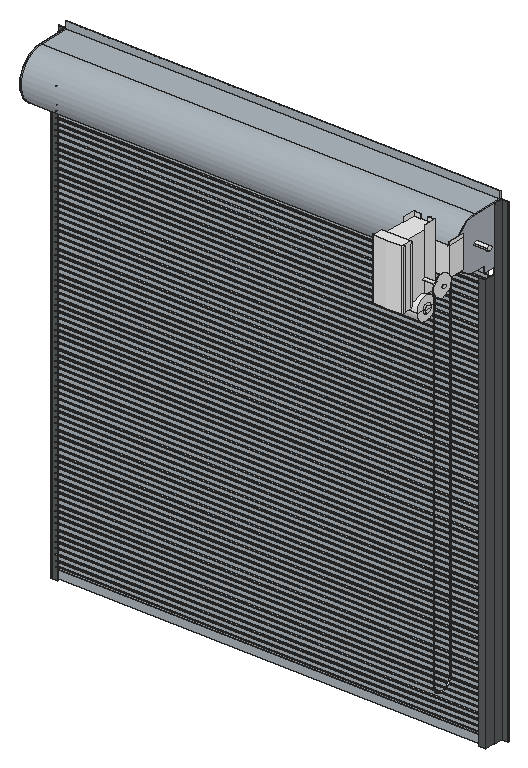
Revit family "Doors_Industrial_Wayne-Dalton_Rolling-Service-Doors-Model-926_", category Specialty Equipment, host Wall, Revit 2019 (continued)
Definition of nested family "926"
  Dimensions and locks (in)
    aligned and locked: plane 9 to nested 13
  Automatic sketch dimensions
    plane 1 "Center (Front/Back)" to curve 1 = 4.98186"
    plane 1 "Center (Front/Back)" to curve 9 = 2.86663"
    curve 3 to curve 9 = 0"
    curve 8 to curve 2 = 0"
    curve 4 to curve 9 = 0"
    plane 1 "Center (Front/Back)" to curve 7 = 2.86663"
    curve 5 to curve 7 = 0"
    curve 6 to curve 7 = 0"
    curve 5 to plane 6 = 7.10337"
    curve 6 to curve 5 = 0"
    curve 4 to curve 5 = 0"
    curve 7 to curve 5 = 0"
    curve 3 to curve 4 = 0"
    curve 8 to curve 3 = 0"
    curve 2 to curve 8 = 0"
    curve 9 to curve 4 = 0"
    curve 1 to curve 2 = 2.11523"
    curve 2 to curve 1 = 2.35433"
    Extrusion 1 sketch curve to Extrusion 1 sketch curve = 0"  (x19)
    Extrusion 1 sketch curve to Extrusion 1 sketch curve = 0.04887"  (x7)
    curve 1 to Extrusion 1 sketch curve = 1.80618"
    Extrusion 1 sketch curve to Extrusion 1 sketch curve = 0.00664"  (x10)
    Extrusion 1 sketch curve to Extrusion 1 sketch curve = 0.05551"  (x11)
    Extrusion 1 sketch curve to Extrusion 1 sketch curve = 0.1397"  (x8)
    Extrusion 1 sketch curve to Extrusion 1 sketch curve = 0.11428"
    Extrusion 1 sketch curve to Extrusion 1 sketch curve = 0.11453"  (x6)
    Extrusion 1 sketch curve to Extrusion 1 sketch curve = 0.12457"
    Extrusion 1 sketch curve to Extrusion 1 sketch curve = 0.00293"
    Extrusion 1 sketch curve to Extrusion 1 sketch curve = 0.13352"  (x6)
    Extrusion 1 sketch curve to Extrusion 1 sketch curve = 0.13644"  (x4)
    Extrusion 1 sketch curve to Extrusion 1 sketch curve = 0.27021"
    Extrusion 1 sketch curve to Extrusion 1 sketch curve = 0.00449"  (x20)
    curve 1 to Extrusion 1 sketch curve = 3.3942"
    curve 1 to Extrusion 1 sketch curve = 1.7942"
    Extrusion 1 sketch curve to Extrusion 1 sketch curve = 0.00394"  (x6)
    Extrusion 1 sketch curve to Extrusion 1 sketch curve = 0.03464"  (x4)
    Extrusion 1 sketch curve to Extrusion 1 sketch curve = 1.32671"  (x6)
    Extrusion 1 sketch curve to Extrusion 1 sketch curve = 0.16713"  (x3)
    Extrusion 1 sketch curve to Extrusion 1 sketch curve = 0.14091"
    Extrusion 1 sketch curve to Extrusion 1 sketch curve = 0.05511"
    Extrusion 1 sketch curve to Extrusion 1 sketch curve = 0.02433"
    curve 1 to Extrusion 1 sketch curve = 4.98186"
    Extrusion 1 sketch curve to Extrusion 1 sketch curve = 0.06"
    Extrusion 1 sketch curve to Extrusion 1 sketch curve = 0.00398"
  Nested families (in)
    nested 1: "Perforation" at (0, 0.47, 0.595), visible <- "Fenestration", Perforation <- "Cutout Material", type "Perforation"
    nested 2: "Perforation" at (0, 0.47, 2.495), visible <- "Fenestration", Perforation <- "Cutout Material", type "Perforation"
    nested 3: "Perforation" at (0, 0.47, 4.395), visible <- "Fenestration", Perforation <- "Cutout Material", type "Perforation"
    nested 4: "Perforation" at (0, 0.47, 6.295), visible <- "Fenestration", Perforation <- "Cutout Material", type "Perforation"
    nested 5: "Perforation" at (0, 0.47, 10.095), visible <- "Fenestration", Perforation <- "Cutout Material", type "Perforation"
    nested 6: "Perforation" at (0, 0.47, 10.095), visible <- "Perforation", Perforation <- "Cutout Material Perforation", type "Perforation"
      with Perforation none
    nested 7: "Perforation" at (0, 0.47, 6.295), visible <- "Perforation", Perforation <- "Cutout Material Perforation", type "Perforation"
      with Perforation none
    nested 8: "Perforation" at (0, 0.47, 4.395), visible <- "Perforation", Perforation <- "Cutout Material Perforation", type "Perforation"
      with Perforation none
    nested 9: "Perforation" at (0, 0.47, 2.495), visible <- "Perforation", Perforation <- "Cutout Material Perforation", type "Perforation"
      with Perforation none
    nested 10: "Perforation" at (0, 0.47, 0.595), visible <- "Perforation", Perforation <- "Cutout Material Perforation", type "Perforation"
      with Perforation none
    nested 11: "Perforation" at (0, 0.47, 11.995), visible <- "Fenestration", Perforation <- "Cutout Material", type "Perforation"
    nested 12: "Perforation" at (0, 0.47, 11.995), visible <- "Perforation", Perforation <- "Cutout Material Perforation", type "Perforation"
      with Perforation none
    nested 13: "Perforation" at (0, 0.47, 8.195), visible <- "Fenestration", Perforation <- "Cutout Material", type "Perforation"
    nested 14: "Perforation" at (0, 0.47, 8.195), visible <- "Perforation", Perforation <- "Cutout Material Perforation", type "Perforation"
      with Perforation none
  Definition of nested family "Perforation"
    Parameters (values of type "Perforation")
      Thickness = 0.06"
      Perforation [instance] = none
      Opening Width = 123 5/8"
      Offset = 1"
      Height = 3/4"
      Default Elevation = 48"
    Reference planes (in)
      plane 1 "Center (Front/Back)": y = 0
      plane 2: z = 0
      plane 3 "Center (Left/Right)": x = 0
      plane 4: z = 0.375
      plane 5: z = -0.375
      plane 6: y = -0.03
      plane 7: y = 0.03
      plane 8: x = -61.8125
      plane 9: x = 61.8125
      plane 10: x = -60.8125
      plane 11: x = 60.8125
    Forms (in)
      Extrusion 1, solid, material <- "Perforation"
        sketch origin (0, -0.19, 0) x (0, 1, 0) y (0, 0, 1)
          loop
            line (0.16, 0.375) -> (0.16, -0.375) -> (0.22, -0.375) -> (0.22, 0.375) -> (0.16, 0.375)
        from -60.8125 to 60.8125
    Dimensions and locks (in)
      equal spacing: plane 4, level, plane 5
      "Height": plane 4 to plane 5
      equal spacing: plane 6, plane 1 "Center (Front/Back)", plane 7
      "Thickness": plane 6 to plane 7
      "Opening Width": plane 8 to plane 9
      "Offset": plane 8 to plane 10
      "Offset": plane 9 to plane 11
      equal spacing: plane 8, plane 3 "Center (Left/Right)", plane 9
      aligned and locked: plane 2 to level
      aligned and locked: plane 4 to Extrusion 1
      aligned and locked: Extrusion 1 to plane 5
      aligned and locked: plane 6 to Extrusion 1
      aligned and locked: plane 7 to Extrusion 1
      aligned and locked: Extrusion 1 to plane 10
      aligned and locked: plane 11 to Extrusion 1
    Automatic sketch dimensions
      Extrusion 1 sketch curve to level = 3/8"
      plane 1 "Center (Front/Back)" to Extrusion 1 sketch curve = 0.03"
      Extrusion 1 sketch curve to plane 1 "Center (Front/Back)" = 0.03"
      plane 4 to Extrusion 1 sketch curve = 0"
Definition of nested family "Lifts"
  Parameters (values of type "Frame Unit")
    True Width = if(Between Jambs, Opening Width, Opening Width + 1/2")  # 120 1/2"
    Slat Option = 1
    Side Clearance R = 9"
    Side Clearance L = 7"
    Round Hood [instance] = 1 = 1  # yes
    Rough Width = 0"
    Rough Height = 0"
    No Hood [instance] = no
    M Value = 3 1/4"
    Hood Offset = 2"
    Hood Height = Headroom Height Real - Hood Offset  # 18 1/2"
    Headroom Height Real = Headroom Height  # 20 1/2"
    Half Hood Height = Headroom Height - Hood Offset  # 18 1/2"
    Guide Z Wide R = if(Between Jambs, (Guide Offset R - G Value) / 3 * 2, G Value - 1/4")  # 2 1/2"
    Guide Z Wide L = if(Between Jambs, (Guide Offset L - G Value) / 3 * 2, G Value - 1/4")  # 2 1/2"
    Guide Offset R = BJ Displacement R + G Value  # 2 3/4"
    Guide Offset L = BJ Displacement L + G Value  # 2 3/4"
    G Value = 2 3/4"
    E Guide Width R = if(Between Jambs, (Guide Offset R - G Value) / 3 * 2, 3")  # 3"
    E Guide Width L = if(Between Jambs, (Guide Offset L - G Value) / 3 * 2, 3")  # 3"
    E Guide Height = 3"  # constant formula
    Z Guide = 1 = 1  # yes
    Slat Material = none
    Shaft Offset = (Hood Height - 2") / 2  # 8 1/4"
    Shaft Material = none
    Shaft Length 2 = G Value + 4"  # 6 3/4"
    Shaft Length 1 = G Value + 4"  # 6 3/4"
    Setback = if(Between Jambs, 0", 1/4")  # 1/4"
    Radius Hood = Shaft Offset  # 8 1/4"
    Opening Width = 120"
    Hood Material = none
    Headroom Height = 20 1/2"
    Header Width = 18 1/2"
    Opening Height = 120"
    Guide Type = if(Between Jambs, "Angled Between Jambs Z Guide", if(Guide Option > 1, "Angled Z Guide", "Angled E Guide"))  # "Angled Z Guide"
    Guide Option = if(Between Jambs, 1, 2)  # 2
    Guide Z Height = 2 3/4"  # constant formula
    Floor To (CL) of Shaft = 132 1/4"
    Finish Material = none
    Face to Wall Mount = not(Between Jambs)  # yes
    E Guide = if(Between Jambs, 1 = 1, 1 = 2)  # no
    D Value = 5 1/2"
    Between Jambs = no
    BJ Position = if(Between Jambs, 1/4", 0")  # 0"
    BJ Displacement R = if(Face to Wall Mount, 0", Side Clearance R - G Value)  # 0"
    BJ Displacement L = if(Face to Wall Mount, 0", Side Clearance L - G Value)  # 0"
    Angled Guide = 1 = 1  # yes
  Reference planes (in)
    plane 1 "Center (Front/Back)": y = 0
    plane 2: z = 0
    plane 3 "Center (Left/Right)": x = 0
    plane 4 "Opening Height": z = 120
    plane 5: x = -66.75
    plane 6: x = 66.75
    plane 7: z = 140.5
    plane 8: y = 18.5
    plane 9 "Real Opening 2": x = -60
    plane 10 "Real Opening 1": x = 60
    plane 11: z = 122
    plane 12 "Main": y = 0
    plane 13: z = 132.25
    plane 14: y = 10.25
    plane 15: x = 62.75
    plane 16: x = -62.75
    plane 17: x = -62.75
    plane 18: x = 62.75
    plane 19: y = 5.5
    plane 20: x = -62.5
    plane 21: x = 62.5
    plane 22: z = 142.5
    plane 23: y = 5.5
    plane 24: y = 4.375
    plane 25: y = 5.5
    plane 26: y = 4.375
  Forms (in)
    Extrusion 1, solid, material <- "Slat Material"
      sketch origin (0, 0, 0) x (0, 1, 0) y (0, 0, 1)
        loop
          line (4.75, 2.375) -> (4.75, 2.75) -> (4, 2.75) -> (4, 2.375) -> (4.75, 2.375)
      from -62.5 to 62.5
    Extrusion 2, solid, material <- "Slat Material"
      sketch origin (0, 0, 0) x (0, 1, 0) y (0, 0, 1)
        loop
          line (4.75, 2.375) -> (4, 2.375) -> (4, 0) -> (4.75, 0) -> (4.75, 2.375)
      from -62.5 to 62.5
    Extrusion 3, solid, material <- "Shaft Material"
      sketch origin (0, -5.35201, 0) x (0, 1, 0) y (0, 0, 1)
        loop
          circle (15.60201, 132.25) r 0.6
      from -66.75 to 66.75
    Extrusion 4, solid, material <- "Hood Material"
      sketch origin (0, 0, 0) x (0, 1, 0) y (0, 0, 1)
        loop
          line (0, 140.5) -> (0, 122) -> (6, 122) -> (6, 124) -> (10.25, 124)
          arc (10.25, 124) -> (18.5, 132.25) -> (10.25, 140.5) r 8.25
          line (10.25, 140.5) -> (0, 140.5)
      from -62.75 to 62.75
    Extrusion 5, solid, material <- "Finish Material", visible <- "E Guide"
      sketch origin (0, 0, 0) x (1, 0, 0) y (0, 1, 0)
        loop
          line (59.75, 0) -> (62.75, 0) -> (62.75, 3) -> (62.6875, 3)
          arc (62.6875, 3) -> (62.55492, 2.94508) -> (62.5, 2.8125) r 0.1875
          line (62.5, 2.8125) -> (62.5, 0.25) -> (59.9375, 0.25)
          arc (59.9375, 0.25) -> (59.80492, 0.19508) -> (59.75, 0.0625) r 0.1875
          line (59.75, 0.0625) -> (59.75, 0)
        loop
          line (-59.75, 0) -> (-59.75, 0.0625)
          arc (-59.75, 0.0625) -> (-59.80492, 0.19508) -> (-59.9375, 0.25) r 0.1875
          line (-59.9375, 0.25) -> (-62.5, 0.25) -> (-62.5, 2.8125)
          arc (-62.5, 2.8125) -> (-62.55492, 2.94508) -> (-62.6875, 3) r 0.1875
          line (-62.6875, 3) -> (-62.75, 3) -> (-62.75, 0) -> (-59.75, 0)
      from 0 to 140.5
    Extrusion 6, solid, material <- "Finish Material", visible <- "Z Guide"
      sketch origin (0, 0, 0) x (1, 0, 0) y (0, 1, 0)
        loop
          line (65.25, 0) -> (65.25, 0.062)
          arc (65.25, 0.062) -> (65.19494, 0.19494) -> (65.062, 0.25) r 0.188
          line (65.062, 0.25) -> (63, 0.25) -> (63, 2.562)
          arc (63, 2.562) -> (62.94494, 2.69494) -> (62.812, 2.75) r 0.188
          line (62.812, 2.75) -> (62.75, 2.75) -> (62.75, 0) -> (65.25, 0)
        loop
          line (-65.25, 0) -> (-62.75, 0) -> (-62.75, 2.75) -> (-62.812, 2.75)
          arc (-62.812, 2.75) -> (-62.94494, 2.69494) -> (-63, 2.562) r 0.188
          line (-63, 2.562) -> (-63, 0.25) -> (-65.062, 0.25)
          arc (-65.062, 0.25) -> (-65.19494, 0.19494) -> (-65.25, 0.062) r 0.188
          line (-65.25, 0.062) -> (-65.25, 0)
      from 0 to 140.5
    Extrusion 7, solid, material <- "Finish Material", visible <- "Angled Guide"
      sketch origin (0, 0, 0) x (1, 0, 0) y (0, 1, 0)
        loop
          line (60.25, 5.5) -> (60.25, 5.437)
          arc (60.25, 5.437) -> (60.30477, 5.30477) -> (60.437, 5.25) r 0.187
          line (60.437, 5.25) -> (62.5, 5.25) -> (62.5, 3.5) -> (60.25, 3.5) -> (60.25, 3.437)
          arc (60.25, 3.437) -> (60.30477, 3.30477) -> (60.437, 3.25) r 0.187
          line (60.437, 3.25) -> (62.25, 3.25) -> (62.25, 1.25) -> (62.75, 1.25) -> (62.75, 5.5) -> (60.25, 5.5)
        loop
          line (-60.25, 5.5) -> (-62.75, 5.5) -> (-62.75, 1.25) -> (-62.25, 1.25) -> (-62.25, 3.25) -> (-60.437, 3.25)
          arc (-60.437, 3.25) -> (-60.30477, 3.30477) -> (-60.25, 3.437) r 0.187
          line (-60.25, 3.437) -> (-60.25, 3.5) -> (-62.5, 3.5) -> (-62.5, 5.25) -> (-60.437, 5.25)
          arc (-60.437, 5.25) -> (-60.30477, 5.30477) -> (-60.25, 5.437) r 0.187
          line (-60.25, 5.437) -> (-60.25, 5.5)
      from 0 to 120
    Extrusion 8, solid, material <- "Hood Material"
      sketch origin (0, 35, 0) x (0, 1, 0) y (0, 0, 1)
        loop
          line (-35, 140.5) -> (-35, 122) -> (-29, 122) -> (-29, 124) -> (-24.75, 124)
          arc (-24.75, 124) -> (-16.5, 132.25) -> (-24.75, 140.5) r 8.25
          line (-24.75, 140.5) -> (-35, 140.5)
      from -62.5 to 62.5
    Extrusion 9, void
      sketch origin (0, 0, 0) x (0, 1, 0) y (0, 0, 1)
        loop
          line (0, 140.5) -> (0, 122) -> (18.5, 122) -> (18.5, 140.5) -> (0, 140.5)
      from -62.5 to 62.5
  Cuts and joins
    Extrusion 9 cuts Extrusion 4
  Lines and regions (in)
    Masking region 1
      outline origin (0, 0, 0) x (1, 0, 0) y (0, 1, 0)
        loop
          line (66.75, 10.85) -> (62.75, 10.85) -> (62.75, 9.65) -> (66.75, 9.65) -> (66.75, 10.85)
        loop
          line (-66.75, 9.65) -> (-62.75, 9.65) -> (-62.75, 10.85) -> (-66.75, 10.85) -> (-66.75, 9.65)
    Masking region 2
      outline origin (0, 0, 0) x (1, 0, 0) y (0, 1, 0)
        loop
          line (-62.75, 18.5) -> (-62.75, 0) -> (62.75, 0) -> (62.75, 18.5) -> (-62.75, 18.5)
    Masking region 3, visible <- "E Guide"
      outline origin (0, 0, 0) x (1, 0, 0) y (0, 1, 0)
        loop
          line (-62.75, 3) -> (-62.75, 0) -> (-59.75, 0) -> (-59.75, 0.0625)
          arc (-59.75, 0.0625) -> (-59.80492, 0.19508) -> (-59.9375, 0.25) r 0.1875
          line (-59.9375, 0.25) -> (-62.5, 0.25) -> (-62.5, 2.8125)
          arc (-62.5, 2.8125) -> (-62.55492, 2.94508) -> (-62.6875, 3) r 0.1875
          line (-62.6875, 3) -> (-62.75, 3)
        loop
          line (62.75, 0) -> (62.75, 3) -> (62.6875, 3)
          arc (62.6875, 3) -> (62.55492, 2.94508) -> (62.5, 2.8125) r 0.1875
          line (62.5, 2.8125) -> (62.5, 0.25) -> (59.9375, 0.25)
          arc (59.9375, 0.25) -> (59.80492, 0.19508) -> (59.75, 0.0625) r 0.1875
          line (59.75, 0.0625) -> (59.75, 0) -> (62.75, 0)
    Masking region 4
      outline origin (0, 0, 0) x (1, 0, 0) y (0, 1, 0)
        loop
          line (-63, 0.25) -> (-65.062, 0.25)
          arc (-65.062, 0.25) -> (-65.19494, 0.19494) -> (-65.25, 0.062) r 0.188
          line (-65.25, 0.062) -> (-65.25, 0) -> (-62.75, 0) -> (-62.75, 2.75) -> (-62.812, 2.75)
          arc (-62.812, 2.75) -> (-62.94494, 2.69494) -> (-63, 2.562) r 0.188
          line (-63, 2.562) -> (-63, 0.25)
        loop
          line (62.75, 2.75) -> (62.75, 0) -> (65.25, 0) -> (65.25, 0.062)
          arc (65.25, 0.062) -> (65.19494, 0.19494) -> (65.062, 0.25) r 0.188
          line (65.062, 0.25) -> (63, 0.25) -> (63, 2.562)
          arc (63, 2.562) -> (62.94494, 2.69494) -> (62.812, 2.75) r 0.188
          line (62.812, 2.75) -> (62.75, 2.75)
    symbolic lines
      curve 1: line (-62.5, 0, 0) -> (-62.5, 18.5, 0)
      curve 2: line (62.5, 18.5, 0) -> (62.5, 0, 0)
  Dimensions and locks (in)
    Extrusion 1 sketch curve to level = 2 3/8"
    Extrusion 1 sketch curve to Extrusion 1 sketch curve = 3/4"
    locked: Extrusion 2 sketch curve to level at 2.375
    "Headroom Height Real": plane 7 to plane 4 "Opening Height"
    plane 8 to plane 1 "Center (Front/Back)" = 18 1/2"
    "Opening Height": plane 4 "Opening Height" to level
    "Hood Offset": plane 11 to plane 4 "Opening Height"
    "BJ Position": plane 12 "Main" to plane 1 "Center (Front/Back)"
    "Header Width": plane 12 "Main" to plane 8
    "Floor To (CL) of Shaft": plane 13 to level
    "Shaft Offset": Extrusion 3 sketch curve to plane 8
    locked: Extrusion 2 sketch curve to Extrusion 2 sketch curve at 0.75
    "Shaft Offset": plane 8 to plane 14
    locked: Masking region 1 sketch curve to Masking region 1 sketch curve at 1.2
    locked: Masking region 1 sketch curve to plane 14 at 0.6
    "Guide Offset L": plane 10 "Real Opening 1" to plane 15
    "Guide Offset R": plane 16 to plane 9 "Real Opening 2"
    locked: Extrusion 5 sketch curve to Extrusion 5 sketch curve at 0.25  (x4)
    "E Guide Height": Extrusion 5 sketch curve to Extrusion 5 sketch curve  (x2)
    "E Guide Width L": Extrusion 5 sketch curve to Extrusion 5 sketch curve
    "E Guide Width R": Extrusion 5 sketch curve to Extrusion 5 sketch curve
    locked: Extrusion 6 sketch curve to Extrusion 6 sketch curve at 0.25  (x4)
    "Guide Z Wide L": Extrusion 6 sketch curve to Extrusion 6 sketch curve
    "Guide Z Height": Extrusion 6 sketch curve to Extrusion 6 sketch curve  (x2)
    "Guide Z Wide R": Extrusion 6 sketch curve to Extrusion 6 sketch curve
    locked: Extrusion 7 sketch curve to Extrusion 7 sketch curve at 0.25  (x6)
    locked: Extrusion 7 sketch curve to Extrusion 7 sketch curve at 2.25  (x2)
    locked: Extrusion 7 sketch curve to Extrusion 7 sketch curve at 4.25  (x2)
    "Setback": plane 10 "Real Opening 1" to Extrusion 7 sketch curve
    "Setback": Extrusion 7 sketch curve to plane 9 "Real Opening 2"
    "G Value": Extrusion 6 sketch curve to plane 9 "Real Opening 2"
    "G Value": plane 10 "Real Opening 1" to Extrusion 6 sketch curve
    "G Value": plane 10 "Real Opening 1" to plane 18
    "G Value": plane 17 to plane 9 "Real Opening 2"
    "Shaft Length 1": plane 5 to plane 9 "Real Opening 2"
    "Shaft Length 2": plane 6 to plane 10 "Real Opening 1"
    locked: Extrusion 2 to plane 18 at 0.25
    locked: Extrusion 2 to plane 17 at 0.25
    locked: plane 17 to plane 20 at 0.25
    locked: plane 21 to plane 18 at 0.25
    equal spacing: plane 9 "Real Opening 2", plane 3 "Center (Left/Right)", plane 10 "Real Opening 1"
    "Opening Width": plane 9 "Real Opening 2" to plane 10 "Real Opening 1"
    locked: plane 22 to plane 7 at 2
    "D Value": plane 1 "Center (Front/Back)" to plane 19
    "D Value": plane 23 to plane 1 "Center (Front/Back)"
    locked: plane 23 to plane 24 at 1.125
    equal spacing: Extrusion 1 sketch curve, plane 24, Extrusion 1 sketch curve
    "D Value": plane 25 to plane 1 "Center (Front/Back)"
    locked: plane 25 to plane 26 at 1.125
    equal spacing: Extrusion 2 sketch curve, plane 26, Extrusion 2 sketch curve
    "G Value": plane 10 "Real Opening 1" to Extrusion 7 sketch curve
    "G Value": Extrusion 7 sketch curve to plane 9 "Real Opening 2"
    locked: Extrusion 4 sketch curve to Extrusion 4 sketch curve at 6
    "Shaft Offset": Extrusion 4 sketch curve to plane 8
    locked: Extrusion 4 sketch curve to plane 11 at 2
    Extrusion 6 to plane 8 = 18 1/2"
    locked: Extrusion 8 sketch curve to Extrusion 8 sketch curve at 6
    "Shaft Offset": Extrusion 8 sketch curve to plane 8
    locked: Extrusion 8 sketch curve to plane 11 at 2
    radius of Extrusion 5 sketch curve = 3/16"  (x4)
    radius of Extrusion 6 sketch curve = 0.188"  (x4)
    locked: Extrusion 7 sketch curve to Extrusion 7 sketch curve (radius 0.187")  (x4)
    aligned and locked: plane 2 to level
    aligned and locked: plane 5 to Extrusion 3
    aligned and locked: Extrusion 3 to plane 6
    aligned and locked: Extrusion 4 sketch curve to plane 7
    aligned and locked: plane 13 to Extrusion 3 sketch curve
    aligned and locked: plane 5 to Masking region 1 sketch curve
    aligned and locked: plane 6 to Masking region 1 sketch curve
    aligned and locked: Masking region 1 sketch curve to Masking region 1 sketch curve  (x2)
    aligned and locked: plane 12 "Main" to Extrusion 5 sketch curve  (x2)
    aligned and locked: Extrusion 5 sketch curve to plane 15
    aligned and locked: plane 16 to Extrusion 5 sketch curve
    aligned and locked: Extrusion 6 sketch curve to plane 1 "Center (Front/Back)"  (x2)
    aligned and locked: plane 19 to Extrusion 7 sketch curve
    aligned and locked: Extrusion 7 sketch curve to Extrusion 7 sketch curve  (x2)
    aligned and locked: Extrusion 7 sketch curve to plane 19
    aligned and locked: plane 4 "Opening Height" to Extrusion 7
    aligned and locked: Extrusion 4 sketch curve to plane 12 "Main"
    aligned and locked: Masking region 2 to curve 2  (x2)
    aligned and locked: Masking region 2 to curve 1  (x2)
    aligned and locked: Masking region 3 sketch curve to Extrusion 5  (x10)
    aligned and locked: Extrusion 2 to Extrusion 1
    aligned and locked: Extrusion 1 to Extrusion 2
    aligned and locked: Masking region 2 to plane 17
    aligned and locked: Masking region 2 to plane 18
    aligned and locked: plane 18 to Masking region 1 sketch curve
    aligned and locked: Masking region 1 sketch curve to plane 17
    aligned and locked: plane 7 to Extrusion 5
    aligned and locked: Extrusion 4 sketch curve to plane 11
    aligned and locked: Extrusion 4 to plane 17
    aligned and locked: Extrusion 4 to plane 18
    aligned and locked: Extrusion 8 sketch curve to plane 7
    aligned and locked: Extrusion 8 sketch curve to plane 12 "Main"
    aligned and locked: Extrusion 8 sketch curve to plane 11
    aligned and locked: Extrusion 8 to plane 20
    aligned and locked: Extrusion 8 to plane 21
    aligned and locked: Extrusion 9 sketch curve to plane 12 "Main"
    aligned and locked: Extrusion 9 sketch curve to plane 11
    aligned and locked: Extrusion 9 sketch curve to plane 8
    aligned and locked: Extrusion 9 sketch curve to plane 7
    aligned and locked: Extrusion 9 to plane 20
    aligned and locked: Extrusion 9 to plane 21
    aligned and locked: Masking region 4 sketch curve to Extrusion 6  (x12)
    aligned and locked: plane 7 to Extrusion 6
  Automatic sketch dimensions
    curve 1 to plane 20 = 0"
    curve 2 to plane 21 = 0"
    Masking region 2 sketch curve to plane 1 "Center (Front/Back)" = 0"
    Masking region 2 sketch curve to plane 17 = 0"
    Masking region 2 sketch curve to plane 18 = 0"
    Masking region 2 sketch curve to plane 8 = 0"
    Extrusion 1 sketch curve to Extrusion 1 sketch curve = 3/8"
    Extrusion 2 sketch curve to level = 0"
    Extrusion 7 sketch curve to plane 20 = 1/4"
    plane 21 to Extrusion 7 sketch curve = 1/4"
    radius of Extrusion 3 sketch curve = 0.6"
Definition of nested family "Label Annotation 1"
  Parameters (values of type "Label Annotation 1-8")
    Label = "Area is too big. Please reduce Door Size."
  Reference planes (in)
    plane 1: y = 0
    plane 2: x = 0
  Text (in)
    label "Label" at (0.00375, -0.00345, 0), shows "Label"
Definition of nested family "Warning Sign"
  Parameters (values of type "Warning Sign")
    Warning Sign [instance] = no
    Default Elevation = 48"
  Reference planes (in)
    plane 1 "Center (Front/Back)": y = 0
    plane 2: z = 0
    plane 3 "Center (Left/Right)": x = 0
    plane 4: y = 0.5
    plane 5: y = -0.5
    plane 6: y = 1
    plane 7: y = 0.25
  Lines and regions (in)
    model lines
      curve 1: line (-2.26129, 1, 45.69444) -> (-26.3817, 1, 3.91667)
      curve 2: line (-25.25106, 1, 3.26389) -> (-1.13064, 1, 45.04167)
      curve 3: arc (2.26129, 1, 45.69444) -> (0, 1, 47) -> (-2.26129, 1, 45.69444) r 2.61111
      curve 4: arc (-1.13064, 1, 45.04167) -> (0, 1, 45.69444) -> (1.13064, 1, 45.04167) r 1.30556
      curve 5: line (1.13064, 1, 45.04167) -> (25.25106, 1, 3.26389)
      curve 6: line (26.3817, 1, 3.91667) -> (2.26129, 1, 45.69444)
      curve 7: arc (25.25106, 1, 3.26389) -> (25.25106, 1, 1.95833) -> (24.12041, 1, 1.30556) r 1.30556
      curve 8: arc (24.12041, 1, 0) -> (26.3817, 1, 1.30556) -> (26.3817, 1, 3.91667) r 2.61111
      curve 9: line (24.12041, 1, 1.30556) -> (-24.12041, 1, 1.30556)
      curve 10: line (-24.12041, 1, 0) -> (24.12041, 1, 0)
      curve 11: arc (-24.12041, 1, 1.30556) -> (-25.25106, 1, 1.95833) -> (-25.25106, 1, 3.26389) r 1.30556
      curve 12: arc (-26.3817, 1, 3.91667) -> (-26.3817, 1, 1.30556) -> (-24.12041, 1, 0) r 2.61111
      curve 13: arc (-2.29479, 1, 8.63537) -> (0, 1, 6.34057) -> (2.29479, 1, 8.63537) r 2.29479
      curve 14: arc (2.29479, 1, 8.63537) -> (0, 1, 10.93016) -> (-2.29479, 1, 8.63537) r 2.29479
      curve 15: arc (-1.6331, 1, 13.97069) -> (0.03439, 1, 12.53727) -> (1.69278, 1, 13.98121) r 1.68043
      curve 16: line (-3.77413, 1, 28.37873) -> (-1.6331, 1, 13.97069)
      curve 17: line (1.69278, 1, 13.98121) -> (3.73924, 1, 28.37873)
      curve 18: arc (3.73924, 1, 28.37873) -> (-0.01745, 1, 32.13541) -> (-3.77413, 1, 28.37873) r 3.75668
      curve 19: line (-2.26129, -0.5, 45.69444) -> (-26.3817, -0.5, 3.91667)
      curve 20: line (-25.25106, -0.5, 3.26389) -> (-1.13064, -0.5, 45.04167)
      curve 21: arc (2.26129, -0.5, 45.69444) -> (0, -0.5, 47) -> (-2.26129, -0.5, 45.69444) r 2.61111
      curve 22: arc (-1.13064, -0.5, 45.04167) -> (0, -0.5, 45.69444) -> (1.13064, -0.5, 45.04167) r 1.30556
      curve 23: line (1.13064, -0.5, 45.04167) -> (25.25106, -0.5, 3.26389)
      curve 24: line (26.3817, -0.5, 3.91667) -> (2.26129, -0.5, 45.69444)
      curve 25: arc (25.25106, -0.5, 3.26389) -> (25.25106, -0.5, 1.95833) -> (24.12041, -0.5, 1.30556) r 1.30556
      curve 26: arc (24.12041, -0.5, 0) -> (26.3817, -0.5, 1.30556) -> (26.3817, -0.5, 3.91667) r 2.61111
      curve 27: line (24.12041, -0.5, 1.30556) -> (-24.12041, -0.5, 1.30556)
      curve 28: line (-24.12041, -0.5, 0) -> (24.12041, -0.5, 0)
      curve 29: arc (-24.12041, -0.5, 1.30556) -> (-25.25106, -0.5, 1.95833) -> (-25.25106, -0.5, 3.26389) r 1.30556
      curve 30: arc (-26.3817, -0.5, 3.91667) -> (-26.3817, -0.5, 1.30556) -> (-24.12041, -0.5, 0) r 2.61111
      curve 31: arc (-2.29479, -0.5, 8.63537) -> (0, -0.5, 6.34057) -> (2.29479, -0.5, 8.63537) r 2.29479
      curve 32: arc (2.29479, -0.5, 8.63537) -> (0, -0.5, 10.93016) -> (-2.29479, -0.5, 8.63537) r 2.29479
      curve 33: arc (-1.6331, -0.5, 13.97069) -> (0.03439, -0.5, 12.53727) -> (1.69278, -0.5, 13.98121) r 1.68043
      curve 34: line (-3.77413, -0.5, 28.37873) -> (-1.6331, -0.5, 13.97069)
      curve 35: line (1.69278, -0.5, 13.98121) -> (3.73924, -0.5, 28.37873)
      curve 36: arc (3.73924, -0.5, 28.37873) -> (-0.01745, -0.5, 32.13541) -> (-3.77413, -0.5, 28.37873) r 3.75668
  Dimensions and locks (in)
    locked: plane 1 "Center (Front/Back)" to plane 4 at 0.5
    equal spacing: plane 1 "Center (Front/Back)", plane 7, plane 4
    locked: plane 4 to plane 6 at 0.5
    locked: plane 5 to plane 1 "Center (Front/Back)" at 0.5
    aligned and locked: plane 2 to level
  Automatic sketch dimensions
    curve 21 to curve 22 = 0"  (x2)
    curve 25 to curve 26 = 0"  (x2)
    curve 29 to curve 30 = 0"  (x2)
    curve 31 to curve 32 = 0"  (x2)
    curve 21 to plane 3 "Center (Left/Right)" = 0"
    curve 31 to plane 3 "Center (Left/Right)" = 0"
    curve 30 to level = 0"
    level to curve 27 = 1.30556"
    curve 26 to curve 27 = 1.30556"
    curve 29 to curve 27 = 1.30556"
    curve 23 to curve 25 = 0.65278"
    curve 20 to curve 29 = 0.65278"
    curve 24 to curve 23 = 0.65278"
    curve 19 to curve 20 = 0.65278"
    level to curve 32 = 8.63537"
    curve 34 to plane 3 "Center (Left/Right)" = 1.6331"
    curve 34 to curve 31 = 5.33532"
    plane 3 "Center (Left/Right)" to curve 35 = 1.69278"
    curve 35 to curve 34 = 0.01052"
    plane 3 "Center (Left/Right)" to curve 33 = 0.02908"
    curve 36 to plane 3 "Center (Left/Right)" = 0.01745"
    curve 36 to curve 33 = 14.16104"
    curve 22 to curve 36 = 16.01016"
    plane 3 "Center (Left/Right)" to curve 23 = 1.13064"
    curve 23 to curve 21 = 0.65278"
    curve 20 to plane 3 "Center (Left/Right)" = 1.13064"
    plane 3 "Center (Left/Right)" to curve 24 = 2.26129"
    curve 24 to curve 22 = 0.65278"
    curve 19 to plane 3 "Center (Left/Right)" = 2.26129"
    curve 34 to curve 36 = 3.75668"
    curve 30 to plane 3 "Center (Left/Right)" = 24.12041"
    plane 3 "Center (Left/Right)" to curve 25 = 24.12041"
    curve 31 to curve 31 = 2.29479"
    curve 3 to curve 4 = 0"  (x2)
    curve 7 to curve 8 = 0"  (x2)
    curve 11 to curve 12 = 0"  (x2)
    curve 13 to curve 14 = 0"  (x2)
    curve 3 to plane 3 "Center (Left/Right)" = 0"
    curve 13 to plane 3 "Center (Left/Right)" = 0"
    curve 12 to level = 0"
    level to curve 9 = 1.30556"
    curve 8 to curve 9 = 1.30556"
    curve 11 to curve 9 = 1.30556"
    curve 5 to curve 7 = 0.65278"
    curve 2 to curve 11 = 0.65278"
    curve 6 to curve 5 = 0.65278"
    curve 1 to curve 2 = 0.65278"
    level to curve 14 = 8.63537"
    curve 16 to plane 3 "Center (Left/Right)" = 1.6331"
    curve 16 to curve 13 = 5.33532"
    plane 3 "Center (Left/Right)" to curve 17 = 1.69278"
    curve 17 to curve 16 = 0.01052"
    plane 3 "Center (Left/Right)" to curve 15 = 0.02908"
    curve 18 to plane 3 "Center (Left/Right)" = 0.01745"
    curve 18 to curve 15 = 14.16104"
    curve 4 to curve 18 = 16.01016"
    plane 3 "Center (Left/Right)" to curve 5 = 1.13064"
    curve 5 to curve 3 = 0.65278"
    curve 2 to plane 3 "Center (Left/Right)" = 1.13064"
    plane 3 "Center (Left/Right)" to curve 6 = 2.26129"
    curve 6 to curve 4 = 0.65278"
    curve 1 to plane 3 "Center (Left/Right)" = 2.26129"
    curve 16 to curve 18 = 3.75668"
    curve 12 to plane 3 "Center (Left/Right)" = 24.12041"
    plane 3 "Center (Left/Right)" to curve 7 = 24.12041"
    curve 13 to curve 13 = 2.29479"
Types (6): name | Voltage | Operator Visibility | Number of Poles | Motor Position | Chain Hoist or Manual | Connector Array | Apparent Load Phase 3 | Apparent Load Phase 2 | Apparent Load Phase 1
  115 volts, one phase, 60 Hz (110-120V range) | 115 V | yes | 1 | 2 5/16" | no | 3 | 0 VA | 0 VA | 2300 VA
  Chain Hoist | 115 V | yes | 1 | 5 119/128" | yes | 2 | 0 VA | 0 VA | 2300 VA
  Manual push-up | 115 V | no | 1 | 5 119/128" | yes | 2 | 0 VA | 0 VA | 2300 VA
  230 volts, three phase, 60 Hz (208-245V range) | 230 V | yes | 3 | 2 5/16" | no | 3 | 2655.81 VA | 2655.81 VA | 2655.81 VA
  230 volts, single phase, 60 Hz (208-245V range) | 230 V | yes | 1 | 2 5/16" | no | 3 | 0 VA | 0 VA | 4600 VA
  460 volts, three phase, 60 Hz (456-495V range) | 460 V | yes | 3 | 2 5/16" | no | 3 | 5311.62 VA | 5311.62 VA | 5311.62 VA
